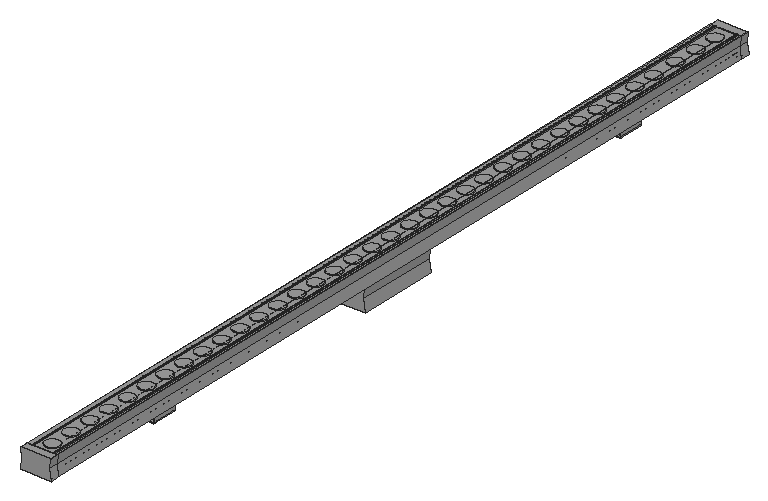
Revit family "SH-1395-120CM", category Lighting Fixtures, Revit 2017
Family settings
  Round Connector Dimension = Use Diameter
  Part Type = Normal
  OmniClass Number = 23.80.70.00
  OmniClass Title = Lighting
  Work Plane-Based = Yes
  Always vertical = No
  Cut with Voids When Loaded = No
  Light Source = No
  Shared = Yes
  Room Calculation Point = No
Parameters (values of type "Sh-1395-36W-120cm(anodized aluminum color-2000K-LED)")
  wattage = 36 W
  instalation = ""
  consumption current = 0.17 A
  color temperature = "2000K"
  color rendering index(CRI) = ""
  Width = 4.2377 cm
  Website = "www.shoaco.com"
  Voltage/Frequency = "230V/50HZ"
  URL = "https://www.shoaco.com/fa/product/%D9%BE%D8%B1%D9%88%DA%98%DA%A9%D8%AA%D9%88%D8%B1-%D9%87%D8%A7/533-%D9%88%D8%A7%D9%84-%D9%88%D8%A7%D8%B4%D8%B1-sh-1395-24LED.html"
  Type medule = "Power LED"
  Protection Class = "Class I"
  Model = "SH-1395-120cm"
  Manufacturer = "SHOA"
  Luminaire Vertical Angle [instance] = 0.00°
  Length = 122.3034 cm
  Lamp = "LED"
  IP = "IP65"
  Height = 7.345 cm
  Flicker = "Free Flicker"
  Default Elevation = 121.92 cm
  Body color = Anodize color
  Body Material = "Aluminum"
  6000K = no
  3000K = no
  2000K = yes
Types (4, lengths in cm): name | color temperature | URL | 6000K | 3000K | 2000K
  (no name) | "2000K" | "https://www.shoaco.com/fa/product/%D9%BE%D8%B1%D9%88%DA%98%DA%A9%D8%AA%D9%88%D8%B1-%D9%87%D8%A7/533-%D9%88%D8%A7%D9%84-%D9%88%D8%A7%D8%B4%D8%B1-sh-1395-24LED.html" | no | no | yes
  Sh-1395-36W-120cm(anodized aluminum color-3000K-LED) | "3000K" | "https://www.shoaco.com/fa/product/%D9%BE%D8%B1%D9%88%DA%98%DA%A9%D8%AA%D9%88%D8%B1-%D9%87%D8%A7/533-%D9%88%D8%A7%D9%84-%D9%88%D8%A7%D8%B4%D8%B1-sh-1395-24LED.html" | no | yes | no
  Sh-1395-36W-120cm(anodized aluminum color-2000K-LED) | "2000K" | "https://www.shoaco.com/fa/product/%D9%BE%D8%B1%D9%88%DA%98%DA%A9%D8%AA%D9%88%D8%B1-%D9%87%D8%A7/533-%D9%88%D8%A7%D9%84-%D9%88%D8%A7%D8%B4%D8%B1-sh-1395-24LED.html" | no | no | yes
  Sh-1395-36W-120cm(anodized aluminum color-6000K-LED) | "6000K" | "https://www.shoaco.com/fa/product/%D9%BE%D8%B1%D9%88%DA%98%DA%A9%D8%AA%D9%88%D8%B1-%D9%87%D8%A7/534-%D9%88%D8%A7%D9%84-%D9%88%D8%A7%D8%B4%D8%B1-sh-1395-36LED.html" | yes | no | no
Reference planes (cm)
  plane 1 "Light Source Axis (F/B)": y = 0
  plane 2: z = 0
  plane 3 "Light Source Axis (L/R)": x = 0
  plane 4 "Light Source Elevation": z = 137.16
  plane 5: x = -1.2506
  plane 6: x = 2.9871
  plane 7: z = 7.345
Forms (cm)
  Extrusion 1, solid, not visible
    sketch origin (58.7935, 36.7249, 0) x (1, 0, 0) y (0, 1, 0)
      loop
        line (31.2065, 29.2751) -> (-148.7935, 29.2751) -> (-148.7935, -100.7249) -> (31.2065, -100.7249) -> (31.2065, 29.2751)
    from -8 to 0
Dimensions and locks (cm)
  "Width": plane 5 to plane 6
  "Height": plane 7 to Extrusion 1
  "Length": nested 25 to nested 25
  aligned and locked: level to plane 2
  aligned and locked: level to Extrusion 1
Automatic sketch dimensions
  plane 5 to Extrusion 1 sketch curve = 88.7494 cm
  Extrusion 1 sketch curve to plane 6 = 87.0129 cm
  plane 1 "Light Source Axis (F/B)" to Extrusion 1 sketch curve = 64.0 cm
  Extrusion 1 sketch curve to plane 1 "Light Source Axis (F/B)" = 66.0 cm
Nested families (cm)
  nested 1: "1395-120cm.ies" at (0.8406, 4.9971, 8.1778) x (0.0006, 0, -1) z (0, 1, 0), visible <- "2000K", type "1395-120cm-2000K"
  nested 2: "1395-120cm.ies" at (0.8406, 58.6407, 8.1831) x (0.0006, 0, -1) z (0, 1, 0), visible <- "2000K", type "1395-120cm-2000K"
  nested 3: "1395-120cm.ies" at (0.8406, 34.7607, 8.1516) x (0.0006, 0, -1) z (0, 1, 0), visible <- "2000K", type "1395-120cm-2000K"
  nested 4: "1395-120cm.ies" at (0.8406, 37.9997, 8.1831) x (0.0006, 0, -1) z (0, 1, 0), visible <- "2000K", type "1395-120cm-2000K"
  nested 5: "1395-120cm.ies" at (0.8406, 41.3155, 8.1831) x (0.0006, 0, -1) z (0, 1, 0), visible <- "2000K", type "1395-120cm-2000K"
  nested 6: "1395-120cm.ies" at (0.8406, 44.533, 8.1556) x (0.0006, 0, -1) z (0, 1, 0), visible <- "2000K", type "1395-120cm-2000K"
  nested 7: "1395-120cm.ies" at (0.8406, 47.9155, 8.1831) x (0.0006, 0, -1) z (0, 1, 0), visible <- "2000K", type "1395-120cm-2000K"
  nested 8: "1395-120cm.ies" at (0.8406, 51.7655, 8.1831) x (0.0006, 0, -1) z (0, 1, 0), visible <- "2000K", type "1395-120cm-2000K"
  nested 9: "1395-120cm.ies" at (0.8406, 55.2305, 8.1831) x (0.0006, 0, -1) z (0, 1, 0), visible <- "2000K", type "1395-120cm-2000K"
  nested 10: "1395-120cm.ies" at (0.8406, 31.333, 8.1831) x (0.0006, 0, -1) z (0, 1, 0), visible <- "2000K", type "1395-120cm-2000K"
  nested 11: "1395-120cm.ies" at (0.8406, -18.2003, 8.2502) x (0.0006, 0, -1) z (0, 1, 0), visible <- "2000K", type "1395-120cm-2000K"
  nested 12: "1395-120cm.ies" at (0.8406, -14.8148, 8.1736) x (0.0006, 0, -1) z (0, 1, 0), visible <- "2000K", type "1395-120cm-2000K"
  nested 13: "1395-120cm.ies" at (0.8406, -11.4692, 8.169) x (0.0006, 0, -1) z (0, 1, 0), visible <- "2000K", type "1395-120cm-2000K"
  nested 14: "1395-120cm.ies" at (0.8406, -8.2319, 8.182) x (0.0006, 0, -1) z (0, 1, 0), visible <- "2000K", type "1395-120cm-2000K"
  nested 15: "1395-120cm.ies" at (0.8406, -4.9174, 8.162) x (0.0006, 0, -1) z (0, 1, 0), visible <- "2000K", type "1395-120cm-2000K"
  nested 16: "1395-120cm.ies" at (0.8406, -1.6879, 8.1836) x (0.0006, 0, -1) z (0, 1, 0), visible <- "2000K", type "1395-120cm-2000K"
  nested 17: "1395-120cm.ies" at (0.8406, 1.7483, 8.1831) x (0.0006, 0, -1) z (0, 1, 0), visible <- "2000K", type "1395-120cm-2000K"
  nested 18: "1395-120cm.ies" at (0.8406, 8.3557, 8.1832) x (0.0006, 0, -1) z (0, 1, 0), visible <- "2000K", type "1395-120cm-2000K"
  nested 19: "1395-120cm.ies" at (0.8406, 11.5787, 8.2041) x (0.0006, 0, -1) z (0, 1, 0), visible <- "2000K", type "1395-120cm-2000K"
  nested 20: "1395-120cm.ies" at (0.8407, 14.989, 8.0999) x (0.0006, 0, -1) z (0, 1, 0), visible <- "2000K", type "1395-120cm-2000K"
  nested 21: "1395-120cm.ies" at (0.8406, 18.2328, 8.1415) x (0.0006, 0, -1) z (0, 1, 0), visible <- "2000K", type "1395-120cm-2000K"
  nested 22: "1395-120cm.ies" at (0.8406, 21.553, 8.1417) x (0.0006, 0, -1) z (0, 1, 0), visible <- "2000K", type "1395-120cm-2000K"
  nested 23: "1395-120cm.ies" at (0.8406, 24.8345, 8.1423) x (0.0006, 0, -1) z (0, 1, 0), visible <- "2000K", type "1395-120cm-2000K"
  nested 24: "1395-120cm.ies" at (0.8406, 28.0653, 8.1423) x (0.0006, 0, -1) z (0, 1, 0), visible <- "2000K", type "1395-120cm-2000K"
  nested 25: "1395-120cm" at (0.8465, -5.4433, 3.5095) x (-1, 0, 0) z (0, 0, 1), Luminaire Vertical Angle <- "Luminaire Vertical Angle", type "1395-120cm"
    with Luminaire Vertical Angle 0.00°, Body color Anodize color
  nested 26: "1395-120cm.ies" at (0.8406, -31.2763, 8.1781) x (0.0006, 0, -1) z (0, 1, 0), visible <- "2000K", type "1395-120cm-2000K"
  nested 27: "1395-120cm.ies" at (0.8406, -27.9408, 8.187) x (0.0006, 0, -1) z (0, 1, 0), visible <- "2000K", type "1395-120cm-2000K"
  nested 28: "1395-120cm.ies" at (0.8406, -51.0799, 8.1719) x (0.0006, 0, -1) z (0, 1, 0), visible <- "2000K", type "1395-120cm-2000K"
  nested 29: "1395-120cm.ies" at (0.8406, -47.8046, 8.192) x (0.0006, 0, -1) z (0, 1, 0), visible <- "2000K", type "1395-120cm-2000K"
  nested 30: "1395-120cm.ies" at (0.8406, -44.5328, 8.2027) x (0.0006, 0, -1) z (0, 1, 0), visible <- "2000K", type "1395-120cm-2000K"
  nested 31: "1395-120cm.ies" at (0.8406, -41.1152, 8.1983) x (0.0006, 0, -1) z (0, 1, 0), visible <- "2000K", type "1395-120cm-2000K"
  nested 32: "1395-120cm.ies" at (0.8406, -37.7882, 8.1878) x (0.0006, 0, -1) z (0, 1, 0), visible <- "2000K", type "1395-120cm-2000K"
  nested 33: "1395-120cm.ies" at (0.8406, -34.5524, 8.1716) x (0.0006, 0, -1) z (0, 1, 0), visible <- "2000K", type "1395-120cm-2000K"
  nested 34: "1395-120cm.ies" at (0.8406, -54.3151, 8.1993) x (0.0006, 0, -1) z (0, 1, 0), visible <- "2000K", type "1395-120cm-2000K"
  nested 35: "1395-120cm.ies" at (0.8406, -57.6706, 8.2237) x (0.0006, 0, -1) z (0, 1, 0), visible <- "2000K", type "1395-120cm-2000K"
  nested 36: "1395-120cm.ies" at (0.8406, -24.6639, 8.1783) x (0.0006, 0, -1) z (0, 1, 0), visible <- "2000K", type "1395-120cm-2000K"
  nested 37: "1395-120cm.ies" at (0.8406, -21.4546, 8.1963) x (0.0006, 0, -1) z (0, 1, 0), visible <- "2000K", type "1395-120cm-2000K"
  nested 38: "1395-120cm.ies" at (0.8406, 58.6407, 8.1831) x (0.0006, 0, -1) z (0, 1, 0), visible <- "3000K", type "1395-120cm-3000K"
  nested 39: "1395-120cm.ies" at (0.8406, 34.7607, 8.1516) x (0.0006, 0, -1) z (0, 1, 0), visible <- "3000K", type "1395-120cm-3000K"
  nested 40: "1395-120cm.ies" at (0.8406, 37.9997, 8.1831) x (0.0006, 0, -1) z (0, 1, 0), visible <- "3000K", type "1395-120cm-3000K"
  nested 41: "1395-120cm.ies" at (0.8406, 41.3155, 8.1831) x (0.0006, 0, -1) z (0, 1, 0), visible <- "3000K", type "1395-120cm-3000K"
  nested 42: "1395-120cm.ies" at (0.8406, 44.533, 8.1556) x (0.0006, 0, -1) z (0, 1, 0), visible <- "3000K", type "1395-120cm-3000K"
  nested 43: "1395-120cm.ies" at (0.8406, 47.9155, 8.1831) x (0.0006, 0, -1) z (0, 1, 0), visible <- "3000K", type "1395-120cm-3000K"
  nested 44: "1395-120cm.ies" at (0.8406, 51.7655, 8.1831) x (0.0006, 0, -1) z (0, 1, 0), visible <- "3000K", type "1395-120cm-3000K"
  nested 45: "1395-120cm.ies" at (0.8406, 55.2305, 8.1831) x (0.0006, 0, -1) z (0, 1, 0), visible <- "3000K", type "1395-120cm-3000K"
  nested 46: "1395-120cm.ies" at (0.8406, 31.333, 8.1831) x (0.0006, 0, -1) z (0, 1, 0), visible <- "3000K", type "1395-120cm-3000K"
  nested 47: "1395-120cm.ies" at (0.8406, -18.2003, 8.2502) x (0.0006, 0, -1) z (0, 1, 0), visible <- "3000K", type "1395-120cm-3000K"
  nested 48: "1395-120cm.ies" at (0.8406, -14.8148, 8.1736) x (0.0006, 0, -1) z (0, 1, 0), visible <- "3000K", type "1395-120cm-3000K"
  nested 49: "1395-120cm.ies" at (0.8406, -11.4692, 8.169) x (0.0006, 0, -1) z (0, 1, 0), visible <- "3000K", type "1395-120cm-3000K"
  nested 50: "1395-120cm.ies" at (0.8406, -8.2319, 8.182) x (0.0006, 0, -1) z (0, 1, 0), visible <- "3000K", type "1395-120cm-3000K"
  nested 51: "1395-120cm.ies" at (0.8406, -4.9174, 8.162) x (0.0006, 0, -1) z (0, 1, 0), visible <- "3000K", type "1395-120cm-3000K"
  nested 52: "1395-120cm.ies" at (0.8406, -1.6879, 8.1836) x (0.0006, 0, -1) z (0, 1, 0), visible <- "3000K", type "1395-120cm-3000K"
  nested 53: "1395-120cm.ies" at (0.8406, 1.7483, 8.1831) x (0.0006, 0, -1) z (0, 1, 0), visible <- "3000K", type "1395-120cm-3000K"
  nested 54: "1395-120cm.ies" at (0.8406, 8.3557, 8.1832) x (0.0006, 0, -1) z (0, 1, 0), visible <- "3000K", type "1395-120cm-3000K"
  nested 55: "1395-120cm.ies" at (0.8406, 11.5787, 8.2041) x (0.0006, 0, -1) z (0, 1, 0), visible <- "3000K", type "1395-120cm-3000K"
  nested 56: "1395-120cm.ies" at (0.8407, 14.989, 8.0999) x (0.0006, 0, -1) z (0, 1, 0), visible <- "3000K", type "1395-120cm-3000K"
  nested 57: "1395-120cm.ies" at (0.8406, 18.2328, 8.1415) x (0.0006, 0, -1) z (0, 1, 0), visible <- "3000K", type "1395-120cm-3000K"
  nested 58: "1395-120cm.ies" at (0.8406, 21.553, 8.1417) x (0.0006, 0, -1) z (0, 1, 0), visible <- "3000K", type "1395-120cm-3000K"
  nested 59: "1395-120cm.ies" at (0.8406, 24.8345, 8.1423) x (0.0006, 0, -1) z (0, 1, 0), visible <- "3000K", type "1395-120cm-3000K"
  nested 60: "1395-120cm.ies" at (0.8406, 28.0653, 8.1423) x (0.0006, 0, -1) z (0, 1, 0), visible <- "3000K", type "1395-120cm-3000K"
  nested 61: "1395-120cm.ies" at (0.8406, -31.2763, 8.1781) x (0.0006, 0, -1) z (0, 1, 0), visible <- "3000K", type "1395-120cm-3000K"
  nested 62: "1395-120cm.ies" at (0.8406, -27.9408, 8.187) x (0.0006, 0, -1) z (0, 1, 0), visible <- "3000K", type "1395-120cm-3000K"
  nested 63: "1395-120cm.ies" at (0.8406, -51.0799, 8.1719) x (0.0006, 0, -1) z (0, 1, 0), visible <- "3000K", type "1395-120cm-3000K"
  nested 64: "1395-120cm.ies" at (0.8406, -47.8046, 8.192) x (0.0006, 0, -1) z (0, 1, 0), visible <- "3000K", type "1395-120cm-3000K"
  nested 65: "1395-120cm.ies" at (0.8406, -44.5328, 8.2027) x (0.0006, 0, -1) z (0, 1, 0), visible <- "3000K", type "1395-120cm-3000K"
  nested 66: "1395-120cm.ies" at (0.8406, -41.1152, 8.1983) x (0.0006, 0, -1) z (0, 1, 0), visible <- "3000K", type "1395-120cm-3000K"
  nested 67: "1395-120cm.ies" at (0.8406, -37.7882, 8.1878) x (0.0006, 0, -1) z (0, 1, 0), visible <- "3000K", type "1395-120cm-3000K"
  nested 68: "1395-120cm.ies" at (0.8406, -34.5524, 8.1716) x (0.0006, 0, -1) z (0, 1, 0), visible <- "3000K", type "1395-120cm-3000K"
  nested 69: "1395-120cm.ies" at (0.8406, -54.3151, 8.1993) x (0.0006, 0, -1) z (0, 1, 0), visible <- "3000K", type "1395-120cm-3000K"
  nested 70: "1395-120cm.ies" at (0.8406, -57.6706, 8.2237) x (0.0006, 0, -1) z (0, 1, 0), visible <- "3000K", type "1395-120cm-3000K"
  nested 71: "1395-120cm.ies" at (0.8406, -24.6639, 8.1783) x (0.0006, 0, -1) z (0, 1, 0), visible <- "3000K", type "1395-120cm-3000K"
  nested 72: "1395-120cm.ies" at (0.8406, -21.4546, 8.1963) x (0.0006, 0, -1) z (0, 1, 0), visible <- "3000K", type "1395-120cm-3000K"
  nested 73: "1395-120cm.ies" at (0.8406, -0.5017, 8.1831) x (0.0006, 0, -1) z (0, 1, 0), visible <- "3000K", type "1395-120cm-3000K"
  nested 74: "1395-120cm.ies" at (0.8406, 58.6407, 8.1831) x (0.0006, 0, -1) z (0, 1, 0), visible <- "6000K", type "1395-120cm-6000K"
  nested 75: "1395-120cm.ies" at (0.8406, 34.7607, 8.1516) x (0.0006, 0, -1) z (0, 1, 0), visible <- "6000K", type "1395-120cm-6000K"
  nested 76: "1395-120cm.ies" at (0.8406, 37.9997, 8.1831) x (0.0006, 0, -1) z (0, 1, 0), visible <- "6000K", type "1395-120cm-6000K"
  nested 77: "1395-120cm.ies" at (0.8406, 41.3155, 8.1831) x (0.0006, 0, -1) z (0, 1, 0), visible <- "6000K", type "1395-120cm-6000K"
  nested 78: "1395-120cm.ies" at (0.8406, 44.533, 8.1556) x (0.0006, 0, -1) z (0, 1, 0), visible <- "6000K", type "1395-120cm-6000K"
  nested 79: "1395-120cm.ies" at (0.8406, 47.9155, 8.1831) x (0.0006, 0, -1) z (0, 1, 0), visible <- "6000K", type "1395-120cm-6000K"
  nested 80: "1395-120cm.ies" at (0.8406, 51.7655, 8.1831) x (0.0006, 0, -1) z (0, 1, 0), visible <- "6000K", type "1395-120cm-6000K"
  nested 81: "1395-120cm.ies" at (0.8406, 55.2305, 8.1831) x (0.0006, 0, -1) z (0, 1, 0), visible <- "6000K", type "1395-120cm-6000K"
  nested 82: "1395-120cm.ies" at (0.8406, 31.333, 8.1831) x (0.0006, 0, -1) z (0, 1, 0), visible <- "6000K", type "1395-120cm-6000K"
  nested 83: "1395-120cm.ies" at (0.8406, -18.2003, 8.2502) x (0.0006, 0, -1) z (0, 1, 0), visible <- "6000K", type "1395-120cm-6000K"
  nested 84: "1395-120cm.ies" at (0.8406, -14.8148, 8.1736) x (0.0006, 0, -1) z (0, 1, 0), visible <- "6000K", type "1395-120cm-6000K"
  nested 85: "1395-120cm.ies" at (0.8406, -11.4692, 8.169) x (0.0006, 0, -1) z (0, 1, 0), visible <- "6000K", type "1395-120cm-6000K"
  nested 86: "1395-120cm.ies" at (0.8406, -8.2319, 8.182) x (0.0006, 0, -1) z (0, 1, 0), visible <- "6000K", type "1395-120cm-6000K"
  nested 87: "1395-120cm.ies" at (0.8406, -4.9174, 8.162) x (0.0006, 0, -1) z (0, 1, 0), visible <- "6000K", type "1395-120cm-6000K"
  nested 88: "1395-120cm.ies" at (0.8406, -1.6879, 8.1836) x (0.0006, 0, -1) z (0, 1, 0), visible <- "6000K", type "1395-120cm-6000K"
  nested 89: "1395-120cm.ies" at (0.8406, 1.7483, 8.1831) x (0.0006, 0, -1) z (0, 1, 0), visible <- "6000K", type "1395-120cm-6000K"
  nested 90: "1395-120cm.ies" at (0.8406, 8.3557, 8.1832) x (0.0006, 0, -1) z (0, 1, 0), visible <- "6000K", type "1395-120cm-6000K"
  nested 91: "1395-120cm.ies" at (0.8406, 11.5787, 8.2041) x (0.0006, 0, -1) z (0, 1, 0), visible <- "6000K", type "1395-120cm-6000K"
  nested 92: "1395-120cm.ies" at (0.8407, 14.989, 8.0999) x (0.0006, 0, -1) z (0, 1, 0), visible <- "6000K", type "1395-120cm-6000K"
  nested 93: "1395-120cm.ies" at (0.8406, 18.2328, 8.1415) x (0.0006, 0, -1) z (0, 1, 0), visible <- "6000K", type "1395-120cm-6000K"
  nested 94: "1395-120cm.ies" at (0.8406, 21.553, 8.1417) x (0.0006, 0, -1) z (0, 1, 0), visible <- "6000K", type "1395-120cm-6000K"
  nested 95: "1395-120cm.ies" at (0.8406, 24.8345, 8.1423) x (0.0006, 0, -1) z (0, 1, 0), visible <- "6000K", type "1395-120cm-6000K"
  nested 96: "1395-120cm.ies" at (0.8406, 28.0653, 8.1423) x (0.0006, 0, -1) z (0, 1, 0), visible <- "6000K", type "1395-120cm-6000K"
  nested 97: "1395-120cm.ies" at (0.8406, -31.2763, 8.1781) x (0.0006, 0, -1) z (0, 1, 0), visible <- "6000K", type "1395-120cm-6000K"
  nested 98: "1395-120cm.ies" at (0.8406, -27.9408, 8.187) x (0.0006, 0, -1) z (0, 1, 0), visible <- "6000K", type "1395-120cm-6000K"
  nested 99: "1395-120cm.ies" at (0.8406, -51.0799, 8.1719) x (0.0006, 0, -1) z (0, 1, 0), visible <- "6000K", type "1395-120cm-6000K"
  nested 100: "1395-120cm.ies" at (0.8406, -47.8046, 8.192) x (0.0006, 0, -1) z (0, 1, 0), visible <- "6000K", type "1395-120cm-6000K"
  nested 101: "1395-120cm.ies" at (0.8406, -44.5328, 8.2027) x (0.0006, 0, -1) z (0, 1, 0), visible <- "6000K", type "1395-120cm-6000K"
  nested 102: "1395-120cm.ies" at (0.8406, -41.1152, 8.1983) x (0.0006, 0, -1) z (0, 1, 0), visible <- "6000K", type "1395-120cm-6000K"
  nested 103: "1395-120cm.ies" at (0.8406, -37.7882, 8.1878) x (0.0006, 0, -1) z (0, 1, 0), visible <- "6000K", type "1395-120cm-6000K"
  nested 104: "1395-120cm.ies" at (0.8406, -34.5524, 8.1716) x (0.0006, 0, -1) z (0, 1, 0), visible <- "6000K", type "1395-120cm-6000K"
  nested 105: "1395-120cm.ies" at (0.8406, -54.3151, 8.1993) x (0.0006, 0, -1) z (0, 1, 0), visible <- "6000K", type "1395-120cm-6000K"
  nested 106: "1395-120cm.ies" at (0.8406, -57.6706, 8.2237) x (0.0006, 0, -1) z (0, 1, 0), visible <- "6000K", type "1395-120cm-6000K"
  nested 107: "1395-120cm.ies" at (0.8406, -24.6639, 8.1783) x (0.0006, 0, -1) z (0, 1, 0), visible <- "6000K", type "1395-120cm-6000K"
  nested 108: "1395-120cm.ies" at (0.8406, -21.4546, 8.1963) x (0.0006, 0, -1) z (0, 1, 0), visible <- "6000K", type "1395-120cm-6000K"
  nested 109: "1395-120cm.ies" at (0.8406, -0.5017, 8.1831) x (0.0006, 0, -1) z (0, 1, 0), visible <- "6000K", type "1395-120cm-6000K"
Connectors (cm)
  electrical at (0.8391, 0.246, 1.4259)
    settings: on nested 25, index 1, voltage 230 V, apparent load 0 VA, apparent load phase1 0 VA, apparent load phase2 0 VA, apparent load phase3 0 VA, power factor 1, load classification "Other", number of poles 1, system type 31, power factor state 1, is connector primary yes, connector utility no, sub classification motor no, connector description ""
Definition of nested family "1395-120cm"
  Parameters (values of type "Family4")
    Luminaire Vertical Angle [instance] = 0.00°
    Default Elevation = 121.92 cm
    Body color [instance] = none
  Reference planes (cm)
    plane 1 "Center (Front/Back)": y = 0
    plane 2: z = 0
    plane 3 "Center (Left/Right)": x = 0
  Forms (cm)
    Extrusion 1, solid, not visible
      sketch origin (0, 0, 0) x (1, 0, 0) y (0, 1, 0)
        loop
          line (50, 59.7561) -> (-50, 59.7561) -> (-50, -76.0005) -> (50, -76.0005) -> (50, 59.7561)
      from 0 to -7.867
    Extrusion 2, solid, material <- "Body color"
      sketch origin (0.023, 0, 27.9113) x (-0.00062, 0, -1) y (1, 0, -0.00062)
        loop
          line (26.9927, 1.965) -> (26.9927, 2.201) -> (25.4269, 1.9786) -> (24.26, 2.1282)
          arc (24.26, 2.1282) -> (24.2021, 2.1105) -> (24.1771, 2.0553) r 0.0735
          line (24.1771, 2.0553) -> (24.1771, 1.4818)
          arc (24.1771, 1.4818) -> (24.1926, 1.4443) -> (24.2301, 1.4288) r 0.053
          line (24.2301, 1.4288) -> (24.3275, 1.4288)
          arc (24.3275, 1.4288) -> (24.3701, 1.4464) -> (24.3878, 1.489) r 0.0603
          line (24.3878, 1.489) -> (24.3878, 1.5758) -> (24.2888, 1.6376) -> (24.303, 1.7275) -> (24.7028, 1.7275) -> (25.025, 1.7275)
          arc (25.025, 1.7275) -> (25.0623, 1.7121) -> (25.0778, 1.6748) r 0.0528
          line (25.0778, 1.6748) -> (25.0778, 1.5075) -> (24.9378, 1.5075) -> (24.9378, 1.3775) -> (26.2978, 1.3775) -> (26.2978, 1.5075) -> (26.4976, 1.5075)
          arc (26.4976, 1.5075) -> (26.5331, 1.4929) -> (26.5478, 1.4574) r 0.0501
          line (26.5478, 1.4574) -> (26.5478, 0.0075) -> (26.5478, -1.4423)
          arc (26.5478, -1.4423) -> (26.5331, -1.4778) -> (26.4976, -1.4925) r 0.0501
          line (26.4976, -1.4925) -> (26.2978, -1.4925) -> (26.2978, -1.3625) -> (24.9378, -1.3625) -> (24.9378, -1.4925) -> (25.0778, -1.4925) -> (25.0778, -1.6597)
          arc (25.0778, -1.6597) -> (25.0623, -1.697) -> (25.025, -1.7125) r 0.0528
          line (25.025, -1.7125) -> (24.7028, -1.7125) -> (24.303, -1.7125) -> (24.2888, -1.6225) -> (24.3878, -1.5607) -> (24.3878, -1.474)
          arc (24.3878, -1.474) -> (24.3701, -1.4313) -> (24.3275, -1.4137) r 0.0603
          line (24.3275, -1.4137) -> (24.2301, -1.4137)
          arc (24.2301, -1.4137) -> (24.1926, -1.4292) -> (24.1771, -1.4667) r 0.053
          line (24.1771, -1.4667) -> (24.1771, -2.0402)
          arc (24.1771, -2.0402) -> (24.2021, -2.0954) -> (24.26, -2.1132) r 0.0735
          line (24.26, -2.1132) -> (25.4269, -1.9635) -> (26.9927, -2.1859) -> (26.9927, -1.9499) -> (26.6878, -1.9066) -> (26.6878, -1.8073)
          arc (26.6878, -1.8073) -> (26.6463, -1.7538) -> (26.5841, -1.7806) r 0.0553
          arc (26.5841, -1.7806) -> (26.4628, -1.8346) -> (26.3779, -1.7326) r 0.11
          arc (26.3779, -1.7326) -> (26.4468, -1.6253) -> (26.5708, -1.6553) r 0.11
          arc (26.5708, -1.6553) -> (26.6444, -1.6741) -> (26.6878, -1.6116) r 0.0666
          line (26.6878, -1.6116) -> (26.6878, -1.4707)
          arc (26.6878, -1.4707) -> (26.7048, -1.4295) -> (26.746, -1.4125) r 0.0583
          line (26.746, -1.4125) -> (26.8353, -1.4125)
          arc (26.8353, -1.4125) -> (26.8729, -1.428) -> (26.8885, -1.4657) r 0.0532
          line (26.8885, -1.4657) -> (26.8885, -1.5901)
          arc (26.8885, -1.5901) -> (26.9396, -1.6411) -> (26.9907, -1.5901) r 0.0511
          line (26.9907, -1.5901) -> (26.9907, -1.234)
          arc (26.9907, -1.234) -> (26.9756, -1.1976) -> (26.9391, -1.1825) r 0.0516
          line (26.9391, -1.1825) -> (26.7278, -1.1825)
          arc (26.7278, -1.1825) -> (26.6678, -1.1225) -> (26.7278, -1.0625) r 0.06
          line (26.7278, -1.0625) -> (26.9465, -1.0625)
          arc (26.9465, -1.0625) -> (26.9915, -1.0175) -> (26.9465, -0.9725) r 0.045
          line (26.9465, -0.9725) -> (26.7278, -0.9725)
          arc (26.7278, -0.9725) -> (26.6678, -0.9125) -> (26.7278, -0.8525) r 0.06
          line (26.7278, -0.8525) -> (26.9543, -0.8525)
          arc (26.9543, -0.8525) -> (26.9993, -0.8075) -> (26.9543, -0.7625) r 0.045
          line (26.9543, -0.7625) -> (26.7278, -0.7625)
          arc (26.7278, -0.7625) -> (26.6678, -0.7025) -> (26.7278, -0.6425) r 0.06
          line (26.7278, -0.6425) -> (26.9465, -0.6425)
          arc (26.9465, -0.6425) -> (26.9915, -0.5975) -> (26.9465, -0.5525) r 0.045
          line (26.9465, -0.5525) -> (26.7278, -0.5525)
          arc (26.7278, -0.5525) -> (26.6678, -0.4925) -> (26.7278, -0.4325) r 0.06
          line (26.7278, -0.4325) -> (26.9379, -0.4325)
          arc (26.9379, -0.4325) -> (26.9747, -0.4172) -> (26.9899, -0.3804) r 0.052
          line (26.9899, -0.3804) -> (26.9899, 0.0075) -> (26.9899, 0.3955)
          arc (26.9899, 0.3955) -> (26.9747, 0.4323) -> (26.9379, 0.4475) r 0.052
          line (26.9379, 0.4475) -> (26.7278, 0.4475)
          arc (26.7278, 0.4475) -> (26.6678, 0.5075) -> (26.7278, 0.5675) r 0.06
          line (26.7278, 0.5675) -> (26.9543, 0.5675)
          arc (26.9543, 0.5675) -> (26.9993, 0.6125) -> (26.9543, 0.6575) r 0.045
          line (26.9543, 0.6575) -> (26.7278, 0.6575)
          arc (26.7278, 0.6575) -> (26.6678, 0.7175) -> (26.7278, 0.7775) r 0.06
          line (26.7278, 0.7775) -> (26.9465, 0.7775)
          arc (26.9465, 0.7775) -> (26.9915, 0.8225) -> (26.9465, 0.8675) r 0.045
          line (26.9465, 0.8675) -> (26.7278, 0.8675)
          arc (26.7278, 0.8675) -> (26.6678, 0.9275) -> (26.7278, 0.9875) r 0.06
          line (26.7278, 0.9875) -> (26.9543, 0.9875)
          arc (26.9543, 0.9875) -> (26.9993, 1.0325) -> (26.9543, 1.0775) r 0.045
          line (26.9543, 1.0775) -> (26.7278, 1.0775)
          arc (26.7278, 1.0775) -> (26.6678, 1.1375) -> (26.7278, 1.1975) r 0.06
          line (26.7278, 1.1975) -> (26.9391, 1.1975)
          arc (26.9391, 1.1975) -> (26.9756, 1.2126) -> (26.9907, 1.2491) r 0.0516
          line (26.9907, 1.2491) -> (26.9907, 1.6051)
          arc (26.9907, 1.6051) -> (26.9396, 1.6562) -> (26.8885, 1.6051) r 0.0511
          line (26.8885, 1.6051) -> (26.8885, 1.4808)
          arc (26.8885, 1.4808) -> (26.8729, 1.4431) -> (26.8353, 1.4275) r 0.0532
          line (26.8353, 1.4275) -> (26.746, 1.4275)
          arc (26.746, 1.4275) -> (26.7048, 1.4446) -> (26.6878, 1.4858) r 0.0583
          line (26.6878, 1.4858) -> (26.6878, 1.6267)
          arc (26.6878, 1.6267) -> (26.6444, 1.6892) -> (26.5708, 1.6704) r 0.0666
          arc (26.5708, 1.6704) -> (26.4468, 1.6404) -> (26.3779, 1.7477) r 0.11
          arc (26.3779, 1.7477) -> (26.4628, 1.8497) -> (26.5841, 1.7957) r 0.11
          arc (26.5841, 1.7957) -> (26.6463, 1.7688) -> (26.6878, 1.8224) r 0.0553
          line (26.6878, 1.8224) -> (26.6878, 1.9217) -> (26.9983, 1.9658)
      from -53.9693 to 66
    Extrusion 3, solid, material <- "Body color"
      sketch origin (0.023, 0, 27.9113) x (-0.00062, 0, -1) y (1, 0, -0.00062)
        loop
          line (24.9378, -1.4925) -> (24.9378, 1.5075) -> (24.8466, 1.5075) -> (24.8466, -1.4925) -> (24.9378, -1.4925)
      from 66 to -34.0478
    Extrusion 4, solid, material <- "Body color"
      sketch origin (0.023, 0, 27.9113) x (-0.00062, 0, -1) y (1, 0, -0.00062)
        loop
          line (24.2301, 1.4288) -> (24.2301, -1.4137) -> (24.3275, -1.4137) -> (24.3275, 1.4288) -> (24.2301, 1.4288)
      from 66 to -53.9693
    Extrusion 5, solid, material <- "Body color"
      sketch origin (0.023, 0, 27.9113) x (-0.00062, 0, -1) y (1, 0, -0.00062)
        loop
          line (26.8366, -1.5373) -> (26.7566, -1.5373) -> (26.7566, -1.7172)
          arc (26.7566, -1.7172) -> (26.7952, -1.8104) -> (26.8884, -1.849) r 0.1318
          line (26.8884, -1.849) -> (27.8524, -1.849)
          arc (27.8524, -1.849) -> (27.9454, -1.8105) -> (27.9839, -1.7175) r 0.1315
          line (27.9839, -1.7175) -> (27.9839, -0.2396)
          arc (27.9839, -0.2396) -> (28.1337, -0.1536) -> (28.2155, -0.0016) r 0.3148
          arc (28.2155, -0.0016) -> (28.1337, 0.1504) -> (27.9839, 0.2364) r 0.3148
          line (27.9839, 0.2364) -> (27.9839, 1.6752)
          arc (27.9839, 1.6752) -> (27.9454, 1.7682) -> (27.8524, 1.8067) r 0.1315
          line (27.8524, 1.8067) -> (26.8884, 1.8067)
          arc (26.8884, 1.8067) -> (26.7952, 1.7681) -> (26.7566, 1.6749) r 0.1318
          line (26.7566, 1.6749) -> (26.7566, 1.5373) -> (26.8366, 1.5373) -> (26.8366, 1.6749)
          arc (26.8366, 1.6749) -> (26.8518, 1.7115) -> (26.8884, 1.7267) r 0.0518
          line (26.8884, 1.7267) -> (27.8524, 1.7267)
          arc (27.8524, 1.7267) -> (27.8889, 1.7116) -> (27.9039, 1.6752) r 0.0515
          line (27.9039, 1.6752) -> (27.9039, 0.2207)
          arc (27.9039, 0.2207) -> (27.9177, 0.1823) -> (27.9528, 0.1614) r 0.0604
          arc (27.9528, 0.1614) -> (28.0656, 0.105) -> (28.1329, -0.0016) r 0.2348
          arc (28.1329, -0.0016) -> (28.0656, -0.1082) -> (27.9528, -0.1646) r 0.2348
          arc (27.9528, -0.1646) -> (27.9177, -0.1855) -> (27.9039, -0.2239) r 0.0604
          line (27.9039, -0.2239) -> (27.9039, -1.7175)
          arc (27.9039, -1.7175) -> (27.8889, -1.754) -> (27.8524, -1.769) r 0.0515
          line (27.8524, -1.769) -> (26.8884, -1.769)
          arc (26.8884, -1.769) -> (26.8518, -1.7539) -> (26.8366, -1.7172) r 0.0518
          line (26.8366, -1.7172) -> (26.8366, -1.5373)
      from 45.1483 to 48.6638
    Extrusion 6, solid, material <- "Body color"
      sketch origin (0.023, 0, 27.9113) x (-0.00062, 0, -1) y (1, 0, -0.00062)
        loop
          arc (24.26, 2.1245) -> (24.2021, 2.1068) -> (24.1771, 2.0516) r 0.0735
          line (24.1771, 2.0516) -> (24.1771, -2.04)
          arc (24.1771, -2.04) -> (24.2021, -2.0952) -> (24.26, -2.1129) r 0.0735
          line (24.26, -2.1129) -> (25.4126, -1.9651) -> (26.9996, -2.1906) -> (26.9996, 2.1965) -> (25.4336, 1.974) -> (24.26, 2.1245)
      from 66 to 67.1604
    Extrusion 7, solid, material <- "Body color"
      sketch origin (0.023, 0, 27.9113) x (-0.00062, 0, -1) y (1, 0, -0.00062)
        loop
          line (24.1771, 2.0553) -> (24.1771, -2.0402)
          arc (24.1771, -2.0402) -> (24.2021, -2.0954) -> (24.26, -2.1132) r 0.0735
          line (24.26, -2.1132) -> (25.4269, -1.9635) -> (26.9996, -2.1869) -> (26.9996, 2.202) -> (25.4269, 1.9786) -> (24.26, 2.1282)
          arc (24.26, 2.1282) -> (24.2021, 2.1105) -> (24.1771, 2.0553) r 0.0735
      from -55.143 to -53.9693
    Extrusion 8, solid
      sketch origin (1.4367, 0.5, 3.6802) x (-1, 0, 0.00062) y (0, -1, 0)
        loop
          circle (1.4738, 64.4724) r 1
      from -0.3052 to 0.0069
    Extrusion 9, solid
      sketch origin (1.4367, 0, 3.6802) x (-1, 0, 0.00062) y (0, -1, 0)
        loop
          circle (1.4738, -52.3218) r 1
      from -0.3052 to 0.0069
    Extrusion 10, solid, material <- "Body color"
      sketch origin (0.023, 0, 27.9113) x (-0.00062, 0, -1) y (1, 0, -0.00062)
        loop
          line (26.9899, 2.0516) -> (26.9899, -2.04)
          arc (26.9899, -2.04) -> (27.0149, -2.0952) -> (27.0728, -2.1129) r 0.0735
          line (27.0728, -2.1129) -> (28.2254, -1.9651) -> (29.9949, -2.2165) -> (29.9949, 2.2224) -> (28.2464, 1.974) -> (27.0728, 2.1245)
          arc (27.0728, 2.1245) -> (27.0149, 2.1068) -> (26.9899, 2.0516) r 0.0735
      from 0 to 11.3786
    Extrusion 11, solid, material <- "Body color"
      sketch origin (0.023, 0, 27.9113) x (-0.00062, 0, -1) y (1, 0, -0.00062)
        loop
          line (26.8366, -1.5373) -> (26.7566, -1.5373) -> (26.7566, -1.7172)
          arc (26.7566, -1.7172) -> (26.7952, -1.8104) -> (26.8884, -1.849) r 0.1318
          line (26.8884, -1.849) -> (27.8547, -1.849)
          arc (27.8547, -1.849) -> (27.9477, -1.8105) -> (27.9862, -1.7175) r 0.1315
          line (27.9862, -1.7175) -> (27.9862, -0.238)
          arc (27.9862, -0.238) -> (28.136, -0.152) -> (28.2178, 0) r 0.3148
          arc (28.2178, 0) -> (28.136, 0.152) -> (27.9862, 0.238) r 0.3148
          line (27.9862, 0.238) -> (27.9862, 1.6752)
          arc (27.9862, 1.6752) -> (27.9477, 1.7682) -> (27.8547, 1.8067) r 0.1315
          line (27.8547, 1.8067) -> (26.8884, 1.8067)
          arc (26.8884, 1.8067) -> (26.7952, 1.7681) -> (26.7566, 1.6749) r 0.1318
          line (26.7566, 1.6749) -> (26.7566, 1.5373) -> (26.8366, 1.5373) -> (26.8366, 1.6749)
          arc (26.8366, 1.6749) -> (26.8518, 1.7115) -> (26.8884, 1.7267) r 0.0518
          line (26.8884, 1.7267) -> (27.8547, 1.7267)
          arc (27.8547, 1.7267) -> (27.8912, 1.7116) -> (27.9062, 1.6752) r 0.0515
          line (27.9062, 1.6752) -> (27.9062, 0.2223)
          arc (27.9062, 0.2223) -> (27.92, 0.1839) -> (27.9551, 0.163) r 0.0604
          arc (27.9551, 0.163) -> (28.0679, 0.1066) -> (28.1352, 0) r 0.2348
          arc (28.1352, 0) -> (28.0679, -0.1066) -> (27.9551, -0.163) r 0.2348
          arc (27.9551, -0.163) -> (27.92, -0.1839) -> (27.9062, -0.2223) r 0.0604
          line (27.9062, -0.2223) -> (27.9062, -1.7175)
          arc (27.9062, -1.7175) -> (27.8912, -1.754) -> (27.8547, -1.769) r 0.0515
          line (27.8547, -1.769) -> (26.8884, -1.769)
          arc (26.8884, -1.769) -> (26.8518, -1.7539) -> (26.8366, -1.7172) r 0.0518
          line (26.8366, -1.7172) -> (26.8366, -1.5373)
      from -36.6395 to -33.1644
    Extrusion 12, solid
      sketch origin (1.4367, 0, 3.6802) x (-1, 0, 0.00062) y (0, -1, 0)
        loop
          circle (1.4738, -49.0198) r 1
      from -0.3052 to 0.0069
    Extrusion 13, solid
      sketch origin (1.4367, 0, 3.6802) x (-1, 0, 0.00062) y (0, -1, 0)
        loop
          circle (1.4738, -45.7196) r 1
        loop
          circle (1.4738, -42.4236) r 1
        loop
          circle (1.4738, -39.1265) r 1
        loop
          circle (1.4738, -35.8293) r 1
        loop
          circle (1.4738, -32.5322) r 1
        loop
          circle (1.4738, -29.2321) r 1
        loop
          circle (1.4738, -25.9319) r 1
        loop
          circle (1.4738, -22.6318) r 1
        loop
          circle (1.4738, -19.3318) r 1
        loop
          circle (1.4738, -16.0336) r 1
        loop
          circle (1.4738, -12.7361) r 1
        loop
          circle (1.4738, -9.436) r 1
        loop
          circle (1.4738, -6.1358) r 1
        loop
          circle (1.4738, -2.8357) r 1
        loop
          circle (1.4738, 0.4644) r 1
        loop
          circle (1.4738, 3.7645) r 1
        loop
          circle (1.4738, 7.0612) r 1
        loop
          circle (1.4738, 10.3649) r 1
        loop
          circle (1.4738, 13.6919) r 1
        loop
          circle (1.4738, 16.99) r 1
        loop
          circle (1.4738, 20.289) r 1
        loop
          circle (1.4738, 23.4849) r 1
        loop
          circle (1.4738, 26.7864) r 1
        loop
          circle (1.4738, 30.0854) r 1
        loop
          circle (1.4738, 33.3854) r 1
        loop
          circle (1.4738, 36.705) r 1
        loop
          circle (1.4738, 40.0092) r 1
        loop
          circle (1.4738, 43.309) r 1
        loop
          circle (1.4738, 46.6116) r 1
        loop
          circle (1.4738, 49.9159) r 1
        loop
          circle (1.4738, 53.2164) r 1
      from -0.3052 to 0.0069
    Extrusion 14, solid
      sketch origin (1.4367, 0.5, 3.6802) x (-1, 0, 0.00062) y (0, -1, 0)
        loop
          circle (1.4738, 57.5478) r 1
      from -0.3052 to 0.0069
    Extrusion 15, solid
      sketch origin (1.4367, 0.5, 3.6802) x (-1, 0, 0.00062) y (0, -1, 0)
        loop
          circle (1.4738, 61.098) r 1
      from -0.3052 to 0.0069
  Lines and regions (cm)
    reference lines
      curve 1: line (28, 0, 0) -> (0, 0, 0)
  Dimensions and locks (cm)
    "Luminaire Vertical Angle": angle level to curve 1
    aligned and locked: plane 2 to level
    aligned and locked: level to Extrusion 1
    aligned and locked: plane 2 to Extrusion 1
    aligned and locked: curve 1 to Extrusion 1
  Automatic sketch dimensions
    Extrusion 1 sketch curve to plane 3 "Center (Left/Right)" = 50.0 cm
    plane 3 "Center (Left/Right)" to Extrusion 1 sketch curve = 50.0 cm
    plane 1 "Center (Front/Back)" to Extrusion 1 sketch curve = 76.0005 cm
    Extrusion 1 sketch curve to plane 1 "Center (Front/Back)" = 59.7561 cm
    Extrusion 2 sketch curve to Extrusion 2 sketch curve = 0.0 cm  (x12)
    Extrusion 2 sketch curve to curve 1 = 3.7341 cm  (x2)
    Extrusion 2 sketch curve to Extrusion 2 sketch curve = 0.053 cm  (x2)
    Extrusion 2 sketch curve to Extrusion 2 sketch curve = 0.0735 cm  (x2)
    Extrusion 2 sketch curve to Extrusion 2 sketch curve = 0.0093 cm  (x2)
    Extrusion 2 sketch curve to Extrusion 2 sketch curve = 0.0587 cm  (x2)
    Extrusion 2 sketch curve to Extrusion 2 sketch curve = 0.0142 cm  (x2)
    Extrusion 2 sketch curve to Extrusion 2 sketch curve = 0.0974 cm  (x2)
    Extrusion 2 sketch curve to Extrusion 2 sketch curve = 0.0603 cm  (x2)
    Extrusion 2 sketch curve to Extrusion 2 sketch curve = 0.315 cm  (x2)
    Extrusion 2 sketch curve to Extrusion 2 sketch curve = 0.235 cm  (x2)
    Extrusion 2 sketch curve to Extrusion 2 sketch curve = 0.0872 cm  (x2)
    Extrusion 2 sketch curve to Extrusion 2 sketch curve = 0.14 cm  (x2)
    Extrusion 2 sketch curve to Extrusion 2 sketch curve = 0.0528 cm
    Extrusion 2 sketch curve to Extrusion 2 sketch curve = 0.3492 cm  (x2)
    Extrusion 2 sketch curve to Extrusion 2 sketch curve = 0.8708 cm
    Extrusion 2 sketch curve to curve 1 = 1.6135 cm
    Extrusion 2 sketch curve to Extrusion 2 sketch curve = 0.19 cm  (x2)
    Extrusion 2 sketch curve to Extrusion 2 sketch curve = 0.1999 cm  (x2)
    Extrusion 2 sketch curve to Extrusion 2 sketch curve = 0.0501 cm
    Extrusion 2 sketch curve to Extrusion 2 sketch curve = 0.1235 cm  (x2)
    Extrusion 2 sketch curve to Extrusion 2 sketch curve = 0.1447 cm  (x2)
    Extrusion 2 sketch curve to Extrusion 2 sketch curve = 0.0666 cm
    Extrusion 2 sketch curve to Extrusion 2 sketch curve = 0.0553 cm  (x2)
    Extrusion 2 sketch curve to curve 1 = 1.1835 cm  (x2)
    Extrusion 2 sketch curve to Extrusion 2 sketch curve = 0.04 cm
    Extrusion 2 sketch curve to Extrusion 2 sketch curve = 0.0583 cm  (x2)
    Extrusion 2 sketch curve to Extrusion 2 sketch curve = 0.0892 cm  (x2)
    Extrusion 2 sketch curve to Extrusion 2 sketch curve = 0.0532 cm  (x2)
    Extrusion 2 sketch curve to Extrusion 2 sketch curve = 0.2102 cm  (x2)
    Extrusion 2 sketch curve to Extrusion 2 sketch curve = 0.2114 cm  (x2)
    Extrusion 2 sketch curve to Extrusion 2 sketch curve = 0.0511 cm  (x2)
    Extrusion 2 sketch curve to Extrusion 2 sketch curve = 0.0086 cm
    Extrusion 2 sketch curve to curve 1 = 0.9648 cm
    Extrusion 2 sketch curve to Extrusion 2 sketch curve = 0.2187 cm
    Extrusion 2 sketch curve to curve 1 = 0.9569 cm
    Extrusion 2 sketch curve to Extrusion 2 sketch curve = 0.0078 cm  (x2)
    Extrusion 2 sketch curve to Extrusion 2 sketch curve = 0.052 cm
    Extrusion 2 sketch curve to Extrusion 2 sketch curve = 0.3049 cm  (x2)
    Extrusion 2 sketch curve to curve 1 = 2.1803 cm
    Extrusion 2 sketch curve to curve 1 = 2.1075 cm
    Extrusion 2 sketch curve to curve 1 = 1.9579 cm
    Extrusion 2 sketch curve to Extrusion 2 sketch curve = 0.236 cm  (x2)
    Extrusion 2 sketch curve to Extrusion 2 sketch curve = 0.0433 cm
    Extrusion 2 sketch curve to Extrusion 2 sketch curve = 0.0993 cm  (x2)
    Extrusion 2 sketch curve to Extrusion 2 sketch curve = 0.0798 cm
    Extrusion 2 sketch curve to Extrusion 2 sketch curve = 0.3278 cm  (x2)
    Extrusion 2 sketch curve to Extrusion 2 sketch curve = 0.0899 cm
    Extrusion 2 sketch curve to Extrusion 2 sketch curve = 0.1956 cm
    Extrusion 2 sketch curve to Extrusion 2 sketch curve = 0.0216 cm
    Extrusion 2 sketch curve to Extrusion 2 sketch curve = 0.0618 cm  (x2)
    Extrusion 2 sketch curve to Extrusion 2 sketch curve = 0.1672 cm  (x2)
    Extrusion 2 sketch curve to Extrusion 2 sketch curve = 0.1192 cm
    Extrusion 2 sketch curve to Extrusion 2 sketch curve = 0.0867 cm  (x2)
    Extrusion 2 sketch curve to Extrusion 2 sketch curve = 0.1409 cm  (x2)
    Extrusion 2 sketch curve to Extrusion 2 sketch curve = 0.13 cm  (x2)
    Extrusion 2 sketch curve to Extrusion 2 sketch curve = 0.1784 cm  (x2)
    Extrusion 2 sketch curve to Extrusion 2 sketch curve = 0.06 cm  (x7)
    Extrusion 2 sketch curve to Extrusion 2 sketch curve = 0.045 cm  (x6)
    Extrusion 2 sketch curve to curve 1 = 0.9068 cm
    Extrusion 2 sketch curve to Extrusion 2 sketch curve = 0.388 cm  (x2)
    Extrusion 2 sketch curve to Extrusion 2 sketch curve = 0.18 cm
    Extrusion 2 sketch curve to Extrusion 2 sketch curve = 0.0512 cm
    Extrusion 2 sketch curve to Extrusion 2 sketch curve = 0.0284 cm
    Extrusion 2 sketch curve to Extrusion 2 sketch curve = 0.1244 cm
    Extrusion 2 sketch curve to Extrusion 2 sketch curve = 0.1158 cm
    Extrusion 2 sketch curve to Extrusion 2 sketch curve = 0.1519 cm
    Extrusion 2 sketch curve to Extrusion 2 sketch curve = 0.3039 cm
    Extrusion 2 sketch curve to Extrusion 2 sketch curve = 0.2794 cm
    Extrusion 2 sketch curve to Extrusion 2 sketch curve = 0.1099 cm  (x2)
    Extrusion 2 sketch curve to Extrusion 2 sketch curve = 0.0056 cm
    Extrusion 3 sketch curve to curve 1 = 3.0646 cm
    Extrusion 3 sketch curve to Extrusion 3 sketch curve = 0.0911 cm
    Extrusion 3 sketch curve to curve 1 = 1.4868 cm
    curve 1 to Extrusion 3 sketch curve = 1.5132 cm
    Extrusion 4 sketch curve to curve 1 = 3.6811 cm
    Extrusion 4 sketch curve to Extrusion 4 sketch curve = 0.0974 cm
    Extrusion 4 sketch curve to curve 1 = 1.408 cm
    curve 1 to Extrusion 4 sketch curve = 1.4345 cm
    Extrusion 5 sketch curve to Extrusion 5 sketch curve = 0.0 cm  (x15)
    Extrusion 5 sketch curve to curve 1 = 1.1547 cm  (x2)
    Extrusion 5 sketch curve to Extrusion 5 sketch curve = 0.08 cm  (x2)
    Extrusion 5 sketch curve to Extrusion 5 sketch curve = 0.0518 cm  (x2)
    Extrusion 5 sketch curve to curve 1 = 0.0588 cm
    Extrusion 5 sketch curve to Extrusion 5 sketch curve = 0.964 cm
    Extrusion 5 sketch curve to Extrusion 5 sketch curve = 0.0515 cm  (x2)
    Extrusion 5 sketch curve to Extrusion 5 sketch curve = 0.0041 cm
    Extrusion 5 sketch curve to Extrusion 5 sketch curve = 0.0196 cm  (x2)
    Extrusion 5 sketch curve to curve 1 = 1.8434 cm
    Extrusion 5 sketch curve to Extrusion 5 sketch curve = 0.18 cm
    Extrusion 5 sketch curve to curve 1 = 0.2339 cm
    Extrusion 5 sketch curve to Extrusion 5 sketch curve = 0.0157 cm  (x2)
    Extrusion 5 sketch curve to Extrusion 5 sketch curve = 0.1548 cm  (x2)
    Extrusion 5 sketch curve to Extrusion 5 sketch curve = 0.135 cm
    Extrusion 5 sketch curve to Extrusion 5 sketch curve = 1.3166 cm
    Extrusion 5 sketch curve to Extrusion 5 sketch curve = 0.1376 cm
    Extrusion 6 sketch curve to curve 1 = 3.7341 cm
    Extrusion 6 sketch curve to Extrusion 6 sketch curve = 0.0735 cm  (x2)
    Extrusion 6 sketch curve to Extrusion 6 sketch curve = 0.0093 cm  (x2)
    Extrusion 6 sketch curve to curve 1 = 2.4987 cm
    Extrusion 6 sketch curve to Extrusion 6 sketch curve = 1.1736 cm
    Extrusion 6 sketch curve to Extrusion 6 sketch curve = 1.566 cm
    Extrusion 6 sketch curve to curve 1 = 2.1849 cm
    Extrusion 6 sketch curve to curve 1 = 2.1072 cm
    Extrusion 6 sketch curve to curve 1 = 1.9595 cm
    curve 1 to Extrusion 6 sketch curve = 1.9797 cm
    Extrusion 6 sketch curve to Extrusion 6 sketch curve = 0.0775 cm
    Extrusion 6 sketch curve to Extrusion 6 sketch curve = 0.2224 cm
    Extrusion 7 sketch curve to curve 1 = 3.7341 cm
    Extrusion 7 sketch curve to Extrusion 7 sketch curve = 0.0735 cm  (x2)
    Extrusion 7 sketch curve to Extrusion 7 sketch curve = 0.0093 cm  (x2)
    Extrusion 7 sketch curve to Extrusion 7 sketch curve = 1.1669 cm
    Extrusion 7 sketch curve to curve 1 = 2.4843 cm
    Extrusion 7 sketch curve to curve 1 = 0.9117 cm
    Extrusion 7 sketch curve to curve 1 = 2.1812 cm
    Extrusion 7 sketch curve to curve 1 = 2.1075 cm
    Extrusion 7 sketch curve to curve 1 = 1.9579 cm
    curve 1 to Extrusion 7 sketch curve = 1.9843 cm
    Extrusion 7 sketch curve to Extrusion 7 sketch curve = 0.0767 cm
    Extrusion 7 sketch curve to Extrusion 7 sketch curve = 0.2234 cm
    Extrusion 4 to Extrusion 8 sketch curve = 1.3687 cm
    Extrusion 4 to Extrusion 8 sketch curve = 2.0276 cm
    Extrusion 4 to Extrusion 9 sketch curve = 1.3687 cm
    Extrusion 4 to Extrusion 9 sketch curve = 1.6474 cm
    Extrusion 10 sketch curve to curve 1 = 0.9213 cm
    Extrusion 10 sketch curve to Extrusion 10 sketch curve = 0.0735 cm  (x2)
    Extrusion 10 sketch curve to Extrusion 10 sketch curve = 0.0093 cm  (x2)
    curve 1 to Extrusion 10 sketch curve = 0.3142 cm
    Extrusion 10 sketch curve to Extrusion 10 sketch curve = 1.1736 cm
    Extrusion 10 sketch curve to Extrusion 10 sketch curve = 1.7485 cm
    Extrusion 10 sketch curve to curve 1 = 2.2108 cm
    Extrusion 10 sketch curve to curve 1 = 2.1072 cm
    Extrusion 10 sketch curve to curve 1 = 1.9595 cm
    curve 1 to Extrusion 10 sketch curve = 1.9797 cm
    Extrusion 10 sketch curve to Extrusion 10 sketch curve = 0.0775 cm
    Extrusion 10 sketch curve to Extrusion 10 sketch curve = 0.2484 cm
    Extrusion 11 sketch curve to Extrusion 11 sketch curve = 0.0 cm  (x15)
    Extrusion 11 sketch curve to curve 1 = 1.1547 cm  (x2)
    Extrusion 11 sketch curve to Extrusion 11 sketch curve = 0.08 cm  (x2)
    Extrusion 11 sketch curve to Extrusion 11 sketch curve = 0.0518 cm  (x2)
    Extrusion 11 sketch curve to curve 1 = 0.0565 cm
    Extrusion 11 sketch curve to Extrusion 11 sketch curve = 0.9663 cm
    Extrusion 11 sketch curve to Extrusion 11 sketch curve = 0.0515 cm  (x2)
    Extrusion 11 sketch curve to Extrusion 11 sketch curve = 0.0041 cm
    Extrusion 11 sketch curve to Extrusion 11 sketch curve = 0.0196 cm  (x2)
    Extrusion 11 sketch curve to curve 1 = 1.8434 cm
    Extrusion 11 sketch curve to Extrusion 11 sketch curve = 0.18 cm
    Extrusion 11 sketch curve to curve 1 = 0.2323 cm
    Extrusion 11 sketch curve to Extrusion 11 sketch curve = 0.0157 cm  (x2)
    Extrusion 11 sketch curve to Extrusion 11 sketch curve = 0.1548 cm  (x2)
    Extrusion 11 sketch curve to Extrusion 11 sketch curve = 0.135 cm
    Extrusion 11 sketch curve to Extrusion 11 sketch curve = 1.315 cm
    Extrusion 11 sketch curve to Extrusion 11 sketch curve = 0.1376 cm
    Extrusion 4 to Extrusion 12 sketch curve = 1.3687 cm
    Extrusion 4 to Extrusion 12 sketch curve = 4.9495 cm
    Extrusion 4 to Extrusion 13 sketch curve = 1.3687 cm  (x31)
    Extrusion 4 to Extrusion 13 sketch curve = 8.2496 cm
    Extrusion 13 sketch curve to Extrusion 13 sketch curve = 3.296 cm
    Extrusion 13 sketch curve to Extrusion 13 sketch curve = 3.2971 cm  (x3)
    Extrusion 13 sketch curve to Extrusion 13 sketch curve = 3.3001 cm  (x8)
    Extrusion 13 sketch curve to Extrusion 13 sketch curve = 3.3 cm  (x2)
    Extrusion 13 sketch curve to Extrusion 13 sketch curve = 3.2982 cm
    Extrusion 13 sketch curve to Extrusion 13 sketch curve = 3.2975 cm
    Extrusion 13 sketch curve to Extrusion 13 sketch curve = 3.2966 cm
    Extrusion 13 sketch curve to Extrusion 13 sketch curve = 3.3038 cm
    Extrusion 13 sketch curve to Extrusion 13 sketch curve = 3.327 cm
    Extrusion 13 sketch curve to Extrusion 13 sketch curve = 3.2981 cm
    Extrusion 13 sketch curve to Extrusion 13 sketch curve = 3.299 cm  (x2)
    Extrusion 13 sketch curve to Extrusion 13 sketch curve = 3.1959 cm
    Extrusion 13 sketch curve to Extrusion 13 sketch curve = 3.3015 cm
    Extrusion 13 sketch curve to Extrusion 13 sketch curve = 3.3196 cm
    Extrusion 13 sketch curve to Extrusion 13 sketch curve = 3.3042 cm  (x2)
    Extrusion 13 sketch curve to Extrusion 13 sketch curve = 3.2998 cm
    Extrusion 13 sketch curve to Extrusion 13 sketch curve = 3.3027 cm
    Extrusion 13 sketch curve to Extrusion 13 sketch curve = 3.3006 cm
    Extrusion 4 to Extrusion 14 sketch curve = 1.3687 cm
    Extrusion 4 to Extrusion 14 sketch curve = 8.9522 cm
    Extrusion 4 to Extrusion 15 sketch curve = 1.3687 cm
    Extrusion 4 to Extrusion 15 sketch curve = 5.402 cm
    curve 1 to level = 0.0 cm
    curve 1 to plane 3 "Center (Left/Right)" = 0.0 cm
    radius of Extrusion 8 sketch curve = 1.0 cm
    radius of Extrusion 9 sketch curve = 1.0 cm
    radius of Extrusion 12 sketch curve = 1.0 cm
    radius of Extrusion 13 sketch curve = 1.0 cm  (x31)
    radius of Extrusion 14 sketch curve = 1.0 cm
    radius of Extrusion 15 sketch curve = 1.0 cm
Definition of nested family "1395-120cm.ies"
  Parameters (values of type "meghdad3000K")
    Wattage = 12.1178 W
    built-in parameter 1150110 = 1 (stored number, unit not read)
    built-in parameter 1114217 = 1 (stored number, unit not read)
    Tilt Angle = -90.00°
    built-in parameter 1150109 = 1 (stored number, unit not read)
    built-in parameter 1150134 = (empty or 0)
    built-in parameter 1150113 = 1 (stored number, unit not read)
    Photometric Web File = "CFAL2511-7W-3000K.ies"
    Lumens = 1800 lm
    built-in parameter 1150115 = 1 (stored number, unit not read)
    built-in parameter 1150105 = 143.24 (stored number, unit not read)
    built-in parameter 1150137 = (empty or 0)
    built-in parameter 1150139 = (empty or 0)
    built-in parameter 1150112 = 1 (stored number, unit not read)
    built-in parameter 1150114 = 1 (stored number, unit not read)
    built-in parameter 1150132 = 2
    built-in parameter 1150102 = (empty or 0)
    built-in parameter 1150138 = (empty or 0)
    built-in parameter 1150107 = 3000 (stored number, unit not read)
    built-in parameter 1150106 = 1.4324 (stored number, unit not read)
    built-in parameter 1150104 = 13.8 (stored number, unit not read)
    Dimming Lamp Color Temperature Shift = (empty or 0)
    Default Elevation = 121.92 cm
    Color Filter = 16777215
    built-in parameter 1114218 = 1 (stored number, unit not read)
    built-in parameter 1150133 = 10 (stored number, unit not read)
  Reference planes (cm)
    plane 1 "Light Source Axis (F/B)": y = 0
    plane 2: z = 0
    plane 3 "Light Source Axis (L/R)": x = 0
    plane 4 "Light Source Elevation": z = 0
  Dimensions and locks (cm)
    aligned and locked: plane 1 "Light Source Axis (F/B)" to imposter light
    aligned and locked: level to plane 2
    aligned and locked: plane 4 "Light Source Elevation" to level
